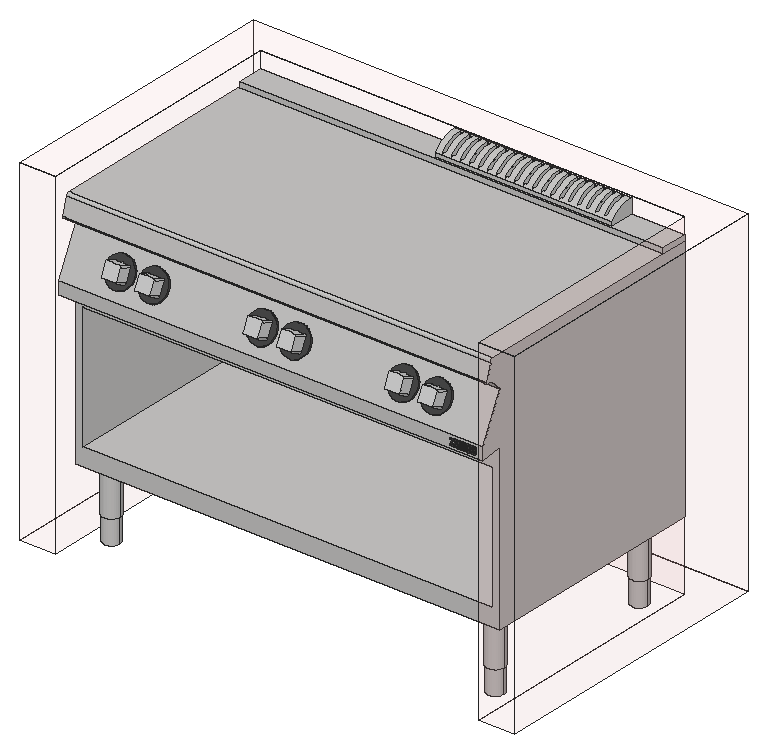
Revit family "QF_ZANUSSI_372179_Z7GCGL6CO0", category Attrezzature speciali, Revit 2020
Family settings
  Quota connettore circolare = Usa diametro
  Tipo di parte = Normale
  Basato su piano di lavoro = No
  Sempre verticale = Sì
  Taglio con vuoti quando caricato = No
  Condiviso = No
  Punto di calcolo locali = No
Parameters (values of type "Standard")
  Weight = 75.00 kg
  Watts = 0 W
  Volts = 0 V
  URL Manufacturer = "http://www.zanussiprofessional.com"
  URL = "http://www.zanussiprofessional.com"
  Steam Supply Size = 0 mm
  Steam Supply Minimum Pressure = 0.0 Pa
  Steam Supply Maximum Pressure = 0.0 Pa
  Steam Consumption per Hour = 0
  Show Logo [instance] = yes
  Show Clearance [instance] = yes
  Refrigeration Suction Line Size = 0 mm
  Refrigeration Liquid Line Size = 0 mm
  Refrigerant Compressor Remote = yes
  Prospetto di default = 0 mm
  Produttore = "Zanussi"
  Phase = 0
  Modello = "Z7GCGL6CO0"
  Length Actual = 1200 mm  # constant formula
  Item Number = "372179"
  Hot Water Size = 0 mm
  Height Actual = 850 mm  # constant formula
  HP = "0 HP"
  Gas Size = 12.7 mm
  Gas KW = 33
  Gas Input Pressure = 0.324232 W
  Direct Waste Size = 0 mm
  Descrizione = "6-BURNER GAS RANGE+OPEN BASE 1200 MM"
  Depth Actual = 700 mm  # constant formula
  Cycle = 0 Hz
  Condensate Return Size = 0 mm
  Compressed Air Volume = 0.0 L/s
  Compressed Air Size = 0 mm
  Compressed Air Pressure = 0.0 Pa
  Cold Water Size = 0 mm
  Accessory = yes
Reference planes
  plane 1 "Back": y = 0
  plane 2: z = 0
  plane 3 "Left": x = 0
  plane 4: y = -716.25
  plane 5: x = 1200
  plane 6: z = 850
  plane 7: y = -340.304
  plane 8: y = -680.608
  plane 9: x = 600
  plane 10: x = 1300
  plane 11: x = -100
  plane 12: y = 100
Forms (mm)
  Extrusion 1, solid, material "QF_Finishes_Clearance", visible <- "Show Clearance"
    sketch origin (0, 0, 0) x (1, 0, 0) y (0, 1, 0)
      loop
        line (-100, -727.538) -> (0, -727.538) -> (0, 0) -> (1200, 0) -> (1200, -727.538) -> (1300, -727.538) -> (1300, 100) -> (-100, 100) -> (-100, -727.538)
    from 0 to 958.9
  Extrusion 2, solid, material "QF_Finishes_Stainless Steel"
    sketch origin (400, 50, 661.213) x (0, 1, 0) y (0, 0, 1)
      loop
        line (-50, 238.788) -> (-50, 253.075) -> (-126.2, 253.075) -> (-126.2, 238.788) -> (-50, 238.788)
    from -400 to 800
  Extrusion 3, solid, material "QF_Finishes_Stainless Steel"
    sketch origin (-305.042, -41, 191.278) x (-1, 0, 0) y (0, -1, 0)
      loop
        circle (-1452.042, 464) r 6.35
    from -1.278 to 438.722
  Extrusion 4, solid, material "QF_Finishes_Stainless Steel"
    sketch origin (400, 50, 661.212) x (0, 1, 0) y (0, 0, 1)
      loop
        line (-50, 238.788) -> (-730.608, 238.788)
        arc (-730.608, 238.788) -> (-735.893, 236.598) -> (-738.083, 231.313) r 7.474
        line (-738.083, 231.313) -> (-751.134, 185.798)
        arc (-751.134, 185.798) -> (-750.646, 183.166) -> (-748.25, 181.971) r 3
        line (-748.25, 181.971) -> (-738.052, 181.971) -> (-706.232, 150.152) -> (-766.25, 29.296) -> (-766.25, -5.704) -> (-709.895, 2.216)
        arc (-709.895, 2.216) -> (-707.351, 1.462) -> (-706.25, -0.953) r 3.2
        line (-706.25, -0.953) -> (-706.25, -462.212) -> (-50, -462.212) -> (-50, 238.788)
    from -400 to 800
  Extrusion 5, void
    sketch origin (0, 0, 50) x (1, 0, 0) y (0, 0, 1)
      loop
        line (20, 555.508) -> (20, 199) -> (1180, 199) -> (1180, 555.508) -> (20, 555.508)
    from 21.775 to 673.125
Cuts and joins
  Extrusion 5 cuts Extrusion 4
  joined: Extrusion 3, Extrusion 4
Dimensions and locks
  plane 1 "Back" to plane 4 = 716.25 mm  (x2)
  plane 3 "Left" to plane 5 = 1200 mm
  equal spacing: plane 3 "Left", plane 9, plane 5
  plane 1 "Back" to plane 12 = 100 mm
  plane 5 to plane 10 = 100 mm
  plane 11 to plane 3 "Left" = 100 mm
  Extrusion 5 sketch curve to Extrusion 5 sketch curve = 1160 mm
  aligned and locked: level to plane 2
Automatic sketch dimensions
  Extrusion 1 sketch curve to plane 11 = 0 mm
  Extrusion 1 sketch curve to plane 3 "Left" = 0 mm
  plane 1 "Back" to Extrusion 1 sketch curve = 0 mm
  Extrusion 1 sketch curve to plane 5 = 0 mm
  Extrusion 1 sketch curve to plane 10 = 0 mm
  Extrusion 1 sketch curve to plane 12 = 0 mm
  Extrusion 1 sketch curve to plane 4 = 11.288 mm  (x2)
  Extrusion 2 sketch curve to plane 1 "Back" = 0 mm
  plane 1 "Back" to Extrusion 2 sketch curve = 76.2 mm
  Extrusion 2 sketch curve to plane 6 = 50 mm
  Extrusion 2 sketch curve to Extrusion 2 sketch curve = 14.288 mm
  plane 5 to Extrusion 3 sketch curve = 53 mm
  Extrusion 3 sketch curve to plane 7 = 164.696 mm
  Extrusion 4 sketch curve to plane 4 = 0 mm
  Extrusion 4 sketch curve to plane 8 = 0 mm
  Extrusion 4 sketch curve to plane 1 "Back" = 0 mm
  plane 6 to Extrusion 4 sketch curve = 2.989 mm
  plane 4 to Extrusion 4 sketch curve = 15.116 mm
  Extrusion 4 sketch curve to Extrusion 4 sketch curve = 2.884 mm
  Extrusion 4 sketch curve to Extrusion 4 sketch curve = 7.474 mm
  Extrusion 4 sketch curve to plane 8 = 7.443 mm
  plane 8 to Extrusion 4 sketch curve = 20.713 mm
  Extrusion 4 sketch curve to Extrusion 4 sketch curve = 0.445 mm
  plane 8 to Extrusion 4 sketch curve = 24.358 mm
  plane 8 to Extrusion 4 sketch curve = 24.376 mm
  Extrusion 4 sketch curve to Extrusion 4 sketch curve = 0.827 mm
  plane 6 to Extrusion 4 sketch curve = 38.636 mm
  Extrusion 4 sketch curve to Extrusion 4 sketch curve = 120.856 mm
  Extrusion 4 sketch curve to Extrusion 4 sketch curve = 27.08 mm
  Extrusion 4 sketch curve to Extrusion 4 sketch curve = 35 mm
  Extrusion 4 sketch curve to plane 6 = 42.526 mm
  plane 3 "Left" to Extrusion 5 sketch curve = 20 mm
  plane 5 to Extrusion 5 sketch curve = 20 mm
  plane 6 to Extrusion 5 sketch curve = 244.492 mm
  level to Extrusion 4 sketch curve = 199 mm
  level to Extrusion 5 sketch curve = 249 mm
  radius of Extrusion 3 sketch curve = 6.35 mm
Nested families
  nested 1: "Uscita_Fumi_500" at (800, -34.925, 914.288), type "Uscita_Fumi_500"
  nested 2: "CONTROLLER_XP-ZAN" at (1098, -685.798, 751.827) x (1, 0, 0) z (0, -0.8956, 0.4448), type "CONTROLLER_XP-ZAN"
  nested 3: "CONTROLLER_XP-ZAN" at (1003, -685.798, 751.827) x (1, 0, 0) z (0, -0.8956, 0.4448), type "CONTROLLER_XP-ZAN"
  nested 4: "CONTROLLER_XP-ZAN" at (698, -685.798, 751.827) x (1, 0, 0) z (0, -0.8956, 0.4448), type "CONTROLLER_XP-ZAN"
  nested 5: "CONTROLLER_XP-ZAN" at (603, -685.798, 751.827) x (1, 0, 0) z (0, -0.8956, 0.4448), type "CONTROLLER_XP-ZAN"
  nested 6: "CONTROLLER_XP-ZAN" at (99.5, -685.798, 751.827) x (-1, 0, 0) z (0, -0.8956, 0.4448), type "CONTROLLER_XP-ZAN"
  nested 7: "CONTROLLER_XP-ZAN" at (194.5, -685.798, 751.827) x (-1, 0, 0) z (0, -0.8956, 0.4448), type "CONTROLLER_XP-ZAN"
  nested 8: "ZANUSSI_Logo" at (1149.92, -716.25, 722.184) x (1, 0, 0) z (0, -1, 0), Show Logo <- "Show Logo", visible <- "Show Logo", type "ZANUSSI_Logo"
    with Show Logo yes
  nested 9: "Piedino 50xH200_par" at (56, -600, 0), type "Piedino 50xH200_par"
    with H 200 mm
  nested 10: "Piedino 50xH200_par" at (56, -90, 0), type "Piedino 50xH200_par"
    with H 200 mm
  nested 11: "Piedino 50xH200_par" at (1144, -90, 0), type "Piedino 50xH200_par"
    with H 200 mm
  nested 12: "Piedino 50xH200_par" at (1144, -600, 0), type "Piedino 50xH200_par"
    with H 200 mm
Connectors
  piping at (1147, -505, 190), diameter 12.7, driven by "Gas Size"
    settings: on Extrusion 3, index 13, connector inside diameter 12.8 mm, connector length 0 mm, flow factor 0, pipe flow 0.0 L/s, pressure drop 0.0 Pa, fitting loss kfactor 0, connector angle 0.00°, fixture units 0, engagement length 0 mm, angle of deflection 0.00°, flow configuration 1, flow direction 1, fitting loss method 0, system type 29, joint type 0, gender type 0, connector reference index -1, connector utility 0, adjustable connector no, is connector primary yes, connector description "Gas Connection"
Definition of nested family "Uscita_Fumi_500"
  Parameters (values of type "Uscita_Fumi_500")
    Default Elevation = 1219.2 mm
  Reference planes
    plane 1 "Centro (Fronte/Retro)": y = 0
    plane 2: z = 0
    plane 3 "Centro (Sinistra/Destra)": x = 0
  Forms (mm)
    Extrusion 1, solid
      sketch origin (0, 0, 0) x (1, 0, 0) y (0, 1, 0)
        loop
          line (-1219.2, 1219.2) -> (-1219.2, -1219.2) -> (1219.2, -1219.2) -> (1219.2, 1219.2) -> (-1219.2, 1219.2)
      from 0 to -304.8
    Extrusion 2, solid
      sketch origin (-150, 34.925, -289.638) x (0, 1, 0) y (0, 0, 1)
        loop
          line (0, 289.638) -> (0, 331.738)
          arc (0, 331.738) -> (-38.857, 324.552) -> (-69.85, 300.038) r 82.056
          line (-69.85, 300.038) -> (-69.85, 289.638) -> (0, 289.638)
      from -100 to 400
    Extrusion 3, void
      sketch origin (-262.5, 34.925, -15) x (0, -1, 0) y (1, 0, 0)
        loop
          line (6.761, 29.703) -> (63.911, 29.703) -> (63.911, 38.999) -> (6.761, 38.999) -> (6.761, 29.703)
        loop
          line (63.911, 64.487) -> (6.761, 64.487) -> (6.761, 55.191) -> (63.911, 55.191) -> (63.911, 64.487)
        loop
          line (63.911, 89.975) -> (6.761, 89.975) -> (6.761, 80.68) -> (63.911, 80.68) -> (63.911, 89.975)
        loop
          line (63.911, 115.464) -> (6.761, 115.464) -> (6.761, 106.168) -> (63.911, 106.168) -> (63.911, 115.464)
        loop
          line (63.911, 140.952) -> (6.761, 140.952) -> (6.761, 131.656) -> (63.911, 131.656) -> (63.911, 140.952)
        loop
          line (63.911, 166.44) -> (6.761, 166.44) -> (6.761, 157.145) -> (63.911, 157.145) -> (63.911, 166.44)
        loop
          line (63.911, 191.929) -> (6.761, 191.929) -> (6.761, 182.633) -> (63.911, 182.633) -> (63.911, 191.929)
        loop
          line (63.911, 217.417) -> (6.761, 217.417) -> (6.761, 208.121) -> (63.911, 208.121) -> (63.911, 217.417)
        loop
          line (63.911, 242.905) -> (6.761, 242.905) -> (6.761, 233.61) -> (63.911, 233.61) -> (63.911, 242.905)
        loop
          line (63.911, 268.394) -> (6.761, 268.394) -> (6.761, 259.098) -> (63.911, 259.098) -> (63.911, 268.394)
        loop
          line (63.911, 293.882) -> (6.761, 293.882) -> (6.761, 284.586) -> (63.911, 284.586) -> (63.911, 293.882)
        loop
          line (63.911, 319.37) -> (6.761, 319.37) -> (6.761, 310.075) -> (63.911, 310.075) -> (63.911, 319.37)
        loop
          line (63.911, 344.859) -> (6.761, 344.859) -> (6.761, 335.563) -> (63.911, 335.563) -> (63.911, 344.859)
        loop
          line (63.911, 370.347) -> (6.761, 370.347) -> (6.761, 361.051) -> (63.911, 361.051) -> (63.911, 370.347)
        loop
          line (63.911, 393.394) -> (6.761, 393.394) -> (6.761, 384.098) -> (63.911, 384.098) -> (63.911, 393.394)
        loop
          line (63.911, 418.882) -> (6.761, 418.882) -> (6.761, 409.586) -> (63.911, 409.586) -> (63.911, 418.882)
        loop
          line (63.911, 444.37) -> (6.761, 444.37) -> (6.761, 435.075) -> (63.911, 435.075) -> (63.911, 444.37)
        loop
          line (63.911, 469.859) -> (6.761, 469.859) -> (6.761, 460.563) -> (63.911, 460.563) -> (63.911, 469.859)
        loop
          line (63.911, 495.347) -> (6.761, 495.347) -> (6.761, 486.051) -> (63.911, 486.051) -> (63.911, 495.347)
      from 25.4 to 63.5
  Cuts and joins
    Extrusion 3 cuts Extrusion 2
  Dimensions and locks
    cut or joined group of Extrusion 2, Extrusion 3 to cut or joined group of Extrusion 2, Extrusion 3 = 500 mm
    aligned and locked: plane 2 to Extrusion 1
    aligned and locked: level to Extrusion 1
Definition of nested family "CONTROLLER_XP-ZAN"
  Parameters (values of type "CONTROLLER_XP-ZAN")
    Default Elevation = 0 mm
  Reference planes
    plane 1 "Centro (Fronte/Retro)": y = 0
    plane 2: z = 0
    plane 3 "Centro (Sinistra/Destra)": x = 0
    plane 4: x = -51.067
    plane 5: x = 51.067
    plane 6: x = 93.481
    plane 7: x = -93.481
  Forms (mm)
    Extrusion 1, solid
      sketch origin (0, 0, 0) x (1, 0, 0) y (0, 1, 0)
        loop
          line (-1219.2, 1219.2) -> (-1219.2, -1219.2) -> (1219.2, -1219.2) -> (1219.2, 1219.2) -> (-1219.2, 1219.2)
      from 0 to -304.8
    Extrusion 2, solid
      sketch origin (-46.381, -48.923, 0) x (1, 0, 0) y (0, 1, 0)
        loop
          circle (-4.687, 48.923) r 42.414
      from 0 to 3.175
    Blend 3, solid
      base sketch origin (-46.381, -48.923, 3.175) x (1, 0, 0) y (0, 1, 0)
        loop
          line (-23.687, 25.923) -> (14.313, 25.923)
          arc (14.313, 25.923) -> (17.142, 27.095) -> (18.313, 29.923) r 4
          line (18.313, 29.923) -> (18.313, 66.519)
          arc (18.313, 66.519) -> (17.342, 69.132) -> (14.901, 70.476) r 4
          arc (14.901, 70.476) -> (-4.687, 71.923) -> (-24.275, 70.476) r 133.25
          arc (-24.275, 70.476) -> (-26.716, 69.132) -> (-27.687, 66.519) r 4
          line (-27.687, 66.519) -> (-27.687, 29.923)
          arc (-27.687, 29.923) -> (-26.515, 27.095) -> (-23.687, 25.923) r 4
      top sketch origin (-46.381, -48.923, 3.175) x (1, 0, 0) y (0, 1, 0)
        loop
          line (-25.687, 66.519) -> (-25.687, 29.923)
          arc (-25.687, 29.923) -> (-25.101, 28.509) -> (-23.687, 27.923) r 2
          line (-23.687, 27.923) -> (14.313, 27.923)
          arc (14.313, 27.923) -> (15.727, 28.509) -> (16.313, 29.923) r 2
          line (16.313, 29.923) -> (16.313, 66.519)
          arc (16.313, 66.519) -> (15.828, 67.825) -> (14.607, 68.498) r 2
          arc (14.607, 68.498) -> (-4.687, 69.923) -> (-23.981, 68.498) r 131.25
          arc (-23.981, 68.498) -> (-25.201, 67.825) -> (-25.687, 66.519) r 2
      from 0 to 33
  Lines and regions (mm)
    Split face 1
      outline origin (-46.381, -48.923, 36.175) x (1, 0, 0) y (0, 1, 0)
        loop
          line (-6.687, 69.908) -> (-6.687, 62.923) -> (-2.687, 62.923) -> (-2.687, 69.908)
  Dimensions and locks
    aligned and locked: plane 2 to Extrusion 1
    aligned and locked: level to Extrusion 1
Definition of nested family "ZANUSSI_Logo"
  Parameters (values of type "ZANUSSI_Logo")
    Show Logo [instance] = yes
    Default Elevation = 1219.2 mm
  Reference planes
    plane 1 "Center (Front/Back)": y = -49
    plane 2: z = 0
    plane 3 "Center (Left/Right)": x = -9.92
  Forms (mm)
    Extrusion 1, solid
      sketch origin (0, 0, 0) x (1, 0, 0) y (0, 1, 0)
        loop
          line (-1219.2, 1219.2) -> (-1219.2, -1219.2) -> (1219.2, -1219.2) -> (1219.2, 1219.2) -> (-1219.2, 1219.2)
      from 0 to -304.8
    Extrusion 2, solid, visible <- "Show Logo"
      sketch origin (106.353, -215.165, -50) x (1, 0, 0) y (0, 1, 0)
        loop
          line (-137.419, 156.48) -> (-137.419, 160.444) -> (-143.365, 160.444) -> (-137.419, 172.566) -> (-137.419, 175.851) -> (-147.274, 175.851) -> (-147.274, 172.226) -> (-142.063, 172.339) -> (-147.728, 160.444) -> (-147.728, 156.48) -> (-137.419, 156.48)
        loop
          line (-131.729, 163.73) -> (-129.463, 163.73) -> (-130.596, 172.54) -> (-131.729, 163.73)
        loop
          line (-132.748, 156.48) -> (-132.182, 160.218) -> (-128.897, 160.218) -> (-128.33, 156.48) -> (-124.252, 156.48) -> (-127.877, 175.851) -> (-133.315, 175.851) -> (-136.826, 156.48) -> (-132.748, 156.48)
        loop
          line (-123.75, 175.851) -> (-123.75, 156.48) -> (-120.238, 156.48) -> (-120.238, 169.281) -> (-116.953, 156.48) -> (-112.648, 156.48) -> (-112.648, 175.851) -> (-116.273, 175.851) -> (-116.273, 163.503) -> (-119.558, 175.851) -> (-123.75, 175.851)
        loop
          arc (-111.742, 161.27) -> (-106.896, 156.448) -> (-101.433, 160.558) r 5.22
          line (-101.433, 160.558) -> (-101.433, 175.851) -> (-105.398, 175.851) -> (-105.398, 161.464)
          arc (-105.398, 161.464) -> (-106.44, 160.263) -> (-107.777, 161.124) r 1.214
          line (-107.777, 161.124) -> (-107.777, 175.851) -> (-111.742, 175.851) -> (-111.742, 161.27)
        loop
          line (-94.069, 169.734) -> (-90.331, 169.734) -> (-90.269, 171.495)
          arc (-90.269, 171.495) -> (-90.53, 173.458) -> (-91.761, 175.009) r 3.719
          arc (-91.761, 175.009) -> (-95.38, 176.189) -> (-98.998, 175.009) r 6.139
          arc (-98.998, 175.009) -> (-100.474, 172.145) -> (-100.291, 168.927) r 6.125
          arc (-100.291, 168.927) -> (-99.079, 167.149) -> (-97.591, 165.594) r 13.068
          line (-97.591, 165.594) -> (-95.921, 164.113)
          arc (-95.921, 164.113) -> (-94.934, 163.275) -> (-94.167, 162.233) r 5.571
          arc (-94.167, 162.233) -> (-94.357, 160.41) -> (-96.143, 160.003) r 1.573
          arc (-96.143, 160.003) -> (-96.681, 160.547) -> (-96.911, 161.277) r 1.631
          arc (-96.911, 161.277) -> (-96.929, 161.791) -> (-96.911, 162.305) r 7.441
          arc (-96.911, 162.305) -> (-96.895, 162.791) -> (-96.911, 163.277) r 7.03
          line (-96.911, 163.277) -> (-100.866, 163.277)
          arc (-100.866, 163.277) -> (-100.828, 160.504) -> (-99.735, 157.955) r 7.131
          arc (-99.735, 157.955) -> (-94.571, 156.484) -> (-90.221, 159.633) r 6.148
          arc (-90.221, 159.633) -> (-90.141, 162.884) -> (-91.536, 165.823) r 7.021
          line (-91.536, 165.823) -> (-95.882, 169.734)
          arc (-95.882, 169.734) -> (-96.47, 170.472) -> (-96.785, 171.362) r 2.858
          arc (-96.785, 171.362) -> (-95.666, 172.959) -> (-94.069, 171.84) r 1.379
          line (-94.069, 171.84) -> (-94.069, 169.734)
        loop
          line (-82.771, 169.734) -> (-79.033, 169.734) -> (-78.971, 171.495)
          arc (-78.971, 171.495) -> (-79.232, 173.458) -> (-80.463, 175.009) r 3.719
          arc (-80.463, 175.009) -> (-84.081, 176.189) -> (-87.7, 175.009) r 6.139
          arc (-87.7, 175.009) -> (-89.175, 172.145) -> (-88.993, 168.927) r 6.125
          arc (-88.993, 168.927) -> (-87.781, 167.149) -> (-86.293, 165.594) r 13.068
          line (-86.293, 165.594) -> (-84.623, 164.113)
          arc (-84.623, 164.113) -> (-83.636, 163.275) -> (-82.869, 162.233) r 5.571
          arc (-82.869, 162.233) -> (-83.059, 160.41) -> (-84.845, 160.003) r 1.573
          arc (-84.845, 160.003) -> (-85.383, 160.547) -> (-85.613, 161.277) r 1.631
          arc (-85.613, 161.277) -> (-85.631, 161.791) -> (-85.613, 162.305) r 7.441
          arc (-85.613, 162.305) -> (-85.596, 162.791) -> (-85.613, 163.277) r 7.03
          line (-85.613, 163.277) -> (-89.568, 163.277)
          arc (-89.568, 163.277) -> (-89.53, 160.504) -> (-88.437, 157.955) r 7.131
          arc (-88.437, 157.955) -> (-83.272, 156.484) -> (-78.922, 159.633) r 6.148
          arc (-78.922, 159.633) -> (-78.843, 162.884) -> (-80.238, 165.823) r 7.021
          line (-80.238, 165.823) -> (-84.584, 169.734)
          arc (-84.584, 169.734) -> (-85.171, 170.472) -> (-85.486, 171.362) r 2.858
          arc (-85.486, 171.362) -> (-84.368, 172.959) -> (-82.771, 171.84) r 1.379
          line (-82.771, 171.84) -> (-82.771, 169.734)
        loop
          line (-78.21, 175.851) -> (-78.21, 156.48) -> (-74.245, 156.48) -> (-74.245, 175.851) -> (-78.21, 175.851)
      from 50 to 51.6
  Dimensions and locks
    aligned and locked: plane 2 to Extrusion 1
    aligned and locked: level to Extrusion 1
Definition of nested family "Piedino 50xH200_par"
  Parameters (values of type "Piedino 50xH200_par")
    Default Elevation = 0 mm
    H [instance] = 200 mm
  Reference planes
    plane 1 "Centro (Fronte/Retro)": y = 0
    plane 2: z = 0
    plane 3 "Centro (Sinistra/Destra)": x = 0
  Forms (mm)
    Revolve 1, solid
      sketch origin (55, 0, 0) x (-1, 0, 0) y (0, 0, -1)
        loop
          line (55, 0) -> (32.1, 0) -> (32.1, -69.05) -> (29.6, -69.05) -> (29.6, -200) -> (55, -200) -> (55, 0)
        axis (55, 0) -> (55, -200)
      angle from 0 to 360
  Dimensions and locks
    "H": Revolve 1 to plane 2
    aligned and locked: level to plane 2
  Automatic sketch dimensions
    Revolve 1 sketch curve to level = 0 mm
    Revolve 1 sketch curve to plane 3 "Centro (Sinistra/Destra)" = 0 mm  (x2)
    plane 3 "Centro (Sinistra/Destra)" to Revolve 1 sketch curve = 22.9 mm
    Revolve 1 sketch curve to Revolve 1 sketch curve = 2.5 mm
    level to Revolve 1 sketch curve = 69.05 mm
    Revolve 1 sketch curve to Revolve 1 sketch curve = 130.95 mm
    Revolve 1 sketch curve to Revolve 1 sketch curve = 0 mm
    Revolve 1 sketch curve to Revolve 1 sketch curve = 20 mm
